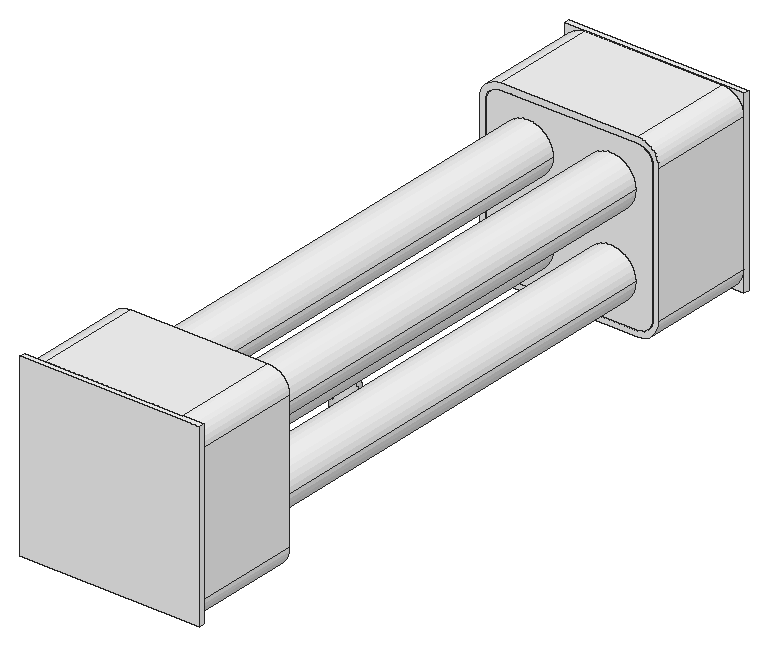
Revit family "Mamad_Transition_YEONATAN_Y2", category Generic Models, host Wall, Revit 2020
Family settings
  Host = Wall
  Can host rebar = No
  Round Connector Dimension = Use Diameter
  Part Type = Normal
  Always vertical = Yes
  Cut with Voids When Loaded = Yes
  Shared = No
  Room Calculation Point = No
Parameters (values of type "Y2_4x4"")
  Outer Plate [instance] = yes
  Wall Closure = By host
  Wall Width [instance] = 350.00 mm
  URL = "https://www.yeonatan.com"
  Type Image = Rectangle-85.png
  Model = "Y2"
  Manufacturer = "S2P"
  Inner Plate [instance] = yes
  Created by = "Karpel Consult And Shielding Engineering LTD"
  Assembly Code = ""
Reference planes
  plane 1: y = 0
  plane 2 "Sill": z = 1173
  plane 3: z = 1219.5
  plane 4: x = 0.3
  plane 5: z = 1266
  plane 6: y = -175
  plane 7: y = 175
  plane 8: y = -120
  plane 9: x = -46.2
  plane 10: x = 46.8
  plane 11: y = -145
  plane 12: y = -140
  plane 13: y = 120
  plane 14: y = 145
  plane 15: y = 140
Forms (mm)
  Sweep 1, solid, material "Yeonatan_Plastic"
    path origin (-1536.434, -175, 2405.066) x (1, 0, 0) y (0, 0, 1)
      loop
        arc (1493.234, -1221.066) -> (1495.577, -1226.723) -> (1501.234, -1229.066) r 8
        line (1501.234, -1229.066) -> (1572.234, -1229.066)
        arc (1572.234, -1229.066) -> (1577.891, -1226.723) -> (1580.234, -1221.066) r 8
        line (1580.234, -1221.066) -> (1580.234, -1150.066)
        arc (1580.234, -1150.066) -> (1577.891, -1144.409) -> (1572.234, -1142.066) r 8
        line (1572.234, -1142.066) -> (1501.234, -1142.066)
        arc (1501.234, -1142.066) -> (1495.577, -1144.409) -> (1493.234, -1150.066) r 8
        line (1493.234, -1150.066) -> (1493.234, -1221.066)
    profile origin (-43.2, -175, 1219.5) x (-1, 0, 0) y (0, -1, 0)
      loop
        line (0, -55) -> (3, -55) -> (3, 0) -> (0, 0) -> (0, -55)
  Sweep 2, solid, material "Yeonatan_Plastic"
    path origin (17.801, -365, -15.537) x (1, 0, 0) y (0, 1, 0)
      loop
        line (-17.501, 239) -> (-17.501, 245)
    profile origin (0.3, -123, -15.537) x (-1, 0, 0) y (0, 0, 1)
      loop
        arc (-35.5, 1278.537) -> (-41.157, 1276.194) -> (-43.5, 1270.537) r 8
        line (-43.5, 1270.537) -> (-43.5, 1199.537)
        arc (-43.5, 1199.537) -> (-41.157, 1193.88) -> (-35.5, 1191.537) r 8
        line (-35.5, 1191.537) -> (35.5, 1191.537)
        arc (35.5, 1191.537) -> (41.157, 1193.88) -> (43.5, 1199.537) r 8
        line (43.5, 1199.537) -> (43.5, 1270.537)
        arc (43.5, 1270.537) -> (41.157, 1276.194) -> (35.5, 1278.537) r 8
        line (35.5, 1278.537) -> (-35.5, 1278.537)
      loop
        circle (-21.5, 1213.537) r 11
      loop
        circle (21.5, 1213.537) r 11
      loop
        circle (-21.5, 1256.537) r 11
      loop
        circle (21.5, 1256.537) r 11
  Extrusion 3, solid, material "Yeonatan_Plastic"
    sketch origin (-21.5, 11.219, -21.5) x (1, 0, 0) y (0, 0, 1)
      loop
        circle (0.3, 1219.5) r 13
      loop
        circle (0.3, 1219.5) r 11
      loop
        circle (43.3, 1219.5) r 13
      loop
        circle (43.3, 1219.5) r 11
      loop
        circle (0.3, 1262.5) r 13
      loop
        circle (0.3, 1262.5) r 11
      loop
        circle (43.3, 1262.5) r 13
      loop
        circle (43.3, 1262.5) r 11
    from -108.781 to 131.219
  Sweep 4, void
    path origin (-1.762, -3.524, 0) x (1, 0, 0) y (0, 1, 0)
      loop
        line (2.062, -171.476) -> (2.062, -116.476)
    profile origin (0.3, -147.5, 0) x (-1, 0, 0) y (0, 0, 1)
      loop
        line (35.5, 1266) -> (-35.5, 1266)
        arc (-35.5, 1266) -> (-43.278, 1262.778) -> (-46.5, 1255) r 11
        line (-46.5, 1255) -> (-46.5, 1184)
        arc (-46.5, 1184) -> (-43.278, 1176.222) -> (-35.5, 1173) r 11
        line (-35.5, 1173) -> (35.5, 1173)
        arc (35.5, 1173) -> (43.278, 1176.222) -> (46.5, 1184) r 11
        line (46.5, 1184) -> (46.5, 1255)
        arc (46.5, 1255) -> (43.278, 1262.778) -> (35.5, 1266) r 11
  Sweep 5, solid, material "Yeonatan_Stainless_Steel", visible <- "Inner Plate"
    path origin (17.801, -385, -15.537) x (1, 0, 0) y (0, 1, 0)
      loop
        line (-17.501, 240) -> (-17.501, 245)
    profile origin (0.3, -142.5, -15.537) x (-1, 0, 0) y (0, 0, 1)
      loop
        arc (-35.5, 1278.537) -> (-41.157, 1276.194) -> (-43.5, 1270.537) r 8
        line (-43.5, 1270.537) -> (-43.5, 1199.537)
        arc (-43.5, 1199.537) -> (-41.157, 1193.88) -> (-35.5, 1191.537) r 8
        line (-35.5, 1191.537) -> (35.5, 1191.537)
        arc (35.5, 1191.537) -> (41.157, 1193.88) -> (43.5, 1199.537) r 8
        line (43.5, 1199.537) -> (43.5, 1270.537)
        arc (43.5, 1270.537) -> (41.157, 1276.194) -> (35.5, 1278.537) r 8
        line (35.5, 1278.537) -> (-35.5, 1278.537)
      loop
        circle (-21.5, 1213.537) r 11
      loop
        circle (21.5, 1213.537) r 11
      loop
        circle (-21.5, 1256.537) r 11
      loop
        circle (21.5, 1256.537) r 11
  Sweep 6, solid, material "Yeonatan_Stainless_Steel"
    path origin (-98.396, -355, 2439) x (0, 1, 0) y (-1, 0, 0)
      loop
        line (229, -98.696) -> (199, -98.696)
    profile origin (0.3, -141, 2439) x (1, 0, 0) y (0, 0, 1)
      loop
        circle (14.5, -1219.5) r 4
      loop
        circle (-14.5, -1219.5) r 4
  Sweep 7, solid, material "Yeonatan_Stainless_Steel", visible <- "Inner Plate"
    path origin (-98.396, -355, 2439) x (0, 1, 0) y (-1, 0, 0)
      loop
        line (210, -98.696) -> (206, -98.696)
    profile origin (0.3, -147, 2439) x (1, 0, 0) y (0, 0, 1)
      loop
        circle (14.5, -1219.5) r 4
      loop
        circle (-14.5, -1219.5) r 4
      loop
        line (10.747, -1213) -> (6.994, -1219.5) -> (10.747, -1226) -> (18.253, -1226) -> (22.006, -1219.5) -> (18.253, -1213) -> (10.747, -1213)
      loop
        line (-10.747, -1213) -> (-18.253, -1213) -> (-22.006, -1219.5) -> (-18.253, -1226) -> (-10.747, -1226) -> (-6.994, -1219.5) -> (-10.747, -1213)
  Sweep 8, solid, material "Yeonatan_Plastic", visible <- "Outer Plate"
    path origin (17.801, -420, -15.537) x (1, 0, 0) y (0, 1, 0)
      loop
        line (-17.501, 242) -> (-17.501, 245)
    profile origin (0.3, -176.5, -15.537) x (-1, 0, 0) y (0, 0, 1)
      loop
        line (-46.5, 1281.537) -> (-46.5, 1188.537) -> (46.5, 1188.537) -> (46.5, 1281.537) -> (-46.5, 1281.537)
  Sweep 9, solid, material "Yeonatan_Plastic"
    path origin (-1536.434, 175, 2405.066) x (1, 0, 0) y (0, 0, -1)
      loop
        line (1493.234, 1221.066) -> (1493.234, 1150.066)
        arc (1493.234, 1150.066) -> (1495.577, 1144.409) -> (1501.234, 1142.066) r 8
        line (1501.234, 1142.066) -> (1572.234, 1142.066)
        arc (1572.234, 1142.066) -> (1577.891, 1144.409) -> (1580.234, 1150.066) r 8
        line (1580.234, 1150.066) -> (1580.234, 1221.066)
        arc (1580.234, 1221.066) -> (1577.891, 1226.723) -> (1572.234, 1229.066) r 8
        line (1572.234, 1229.066) -> (1501.234, 1229.066)
        arc (1501.234, 1229.066) -> (1495.577, 1226.723) -> (1493.234, 1221.066) r 8
    profile origin (-43.2, 175, 1219.5) x (1, 0, 0) y (0, 1, 0)
      loop
        line (0, -55) -> (0, 0) -> (-3, 0) -> (-3, -55) -> (0, -55)
  Sweep 10, solid, material "Yeonatan_Plastic"
    path origin (17.801, 365, -15.537) x (1, 0, 0) y (0, 1, 0)
      loop
        line (-17.501, -239) -> (-17.501, -245)
    profile origin (0.3, 123, -15.537) x (1, 0, 0) y (0, 0, 1)
      loop
        line (35.5, 1278.537) -> (-35.5, 1278.537)
        arc (-35.5, 1278.537) -> (-41.157, 1276.194) -> (-43.5, 1270.537) r 8
        line (-43.5, 1270.537) -> (-43.5, 1199.537)
        arc (-43.5, 1199.537) -> (-41.157, 1193.88) -> (-35.5, 1191.537) r 8
        line (-35.5, 1191.537) -> (35.5, 1191.537)
        arc (35.5, 1191.537) -> (41.157, 1193.88) -> (43.5, 1199.537) r 8
        line (43.5, 1199.537) -> (43.5, 1270.537)
        arc (43.5, 1270.537) -> (41.157, 1276.194) -> (35.5, 1278.537) r 8
      loop
        circle (21.5, 1213.537) r 11
      loop
        circle (-21.5, 1213.537) r 11
      loop
        circle (21.5, 1256.537) r 11
      loop
        circle (-21.5, 1256.537) r 11
  Sweep 11, solid, material "Yeonatan_Stainless_Steel", visible <- "Inner Plate"
    path origin (17.801, 385, -15.537) x (1, 0, 0) y (0, 1, 0)
      loop
        line (-17.501, -240) -> (-17.501, -245)
    profile origin (0.3, 142.5, -15.537) x (1, 0, 0) y (0, 0, 1)
      loop
        line (35.5, 1278.537) -> (-35.5, 1278.537)
        arc (-35.5, 1278.537) -> (-41.157, 1276.194) -> (-43.5, 1270.537) r 8
        line (-43.5, 1270.537) -> (-43.5, 1199.537)
        arc (-43.5, 1199.537) -> (-41.157, 1193.88) -> (-35.5, 1191.537) r 8
        line (-35.5, 1191.537) -> (35.5, 1191.537)
        arc (35.5, 1191.537) -> (41.157, 1193.88) -> (43.5, 1199.537) r 8
        line (43.5, 1199.537) -> (43.5, 1270.537)
        arc (43.5, 1270.537) -> (41.157, 1276.194) -> (35.5, 1278.537) r 8
      loop
        circle (21.5, 1213.537) r 11
      loop
        circle (-21.5, 1213.537) r 11
      loop
        circle (21.5, 1256.537) r 11
      loop
        circle (-21.5, 1256.537) r 11
  Sweep 12, solid, material "Yeonatan_Stainless_Steel"
    path origin (-98.396, 355, 2439) x (0, 1, 0) y (-1, 0, 0)
      loop
        line (-229, -98.696) -> (-199, -98.696)
    profile origin (0.3, 141, 2439) x (-1, 0, 0) y (0, 0, 1)
      loop
        circle (-14.5, -1219.5) r 4
      loop
        circle (14.5, -1219.5) r 4
  Sweep 13, solid, material "Yeonatan_Stainless_Steel", visible <- "Inner Plate"
    path origin (-98.396, 355, 2439) x (0, 1, 0) y (-1, 0, 0)
      loop
        line (-210, -98.696) -> (-206, -98.696)
    profile origin (0.3, 147, 2439) x (-1, 0, 0) y (0, 0, 1)
      loop
        circle (-14.5, -1219.5) r 4
      loop
        circle (14.5, -1219.5) r 4
      loop
        line (-10.747, -1213) -> (-18.253, -1213) -> (-22.006, -1219.5) -> (-18.253, -1226) -> (-10.747, -1226) -> (-6.994, -1219.5) -> (-10.747, -1213)
      loop
        line (10.747, -1213) -> (6.994, -1219.5) -> (10.747, -1226) -> (18.253, -1226) -> (22.006, -1219.5) -> (18.253, -1213) -> (10.747, -1213)
  Sweep 14, solid, material "Yeonatan_Plastic", visible <- "Outer Plate"
    path origin (17.801, 420, -15.537) x (1, 0, 0) y (0, 1, 0)
      loop
        line (-17.501, -242) -> (-17.501, -245)
    profile origin (0.3, 176.5, -15.537) x (1, 0, 0) y (0, 0, 1)
      loop
        line (46.5, 1281.537) -> (-46.5, 1281.537) -> (-46.5, 1188.537) -> (46.5, 1188.537) -> (46.5, 1281.537)
  Sweep 15, void
    path origin (-1.762, 3.524, 0) x (1, 0, 0) y (0, -1, 0)
      loop
        line (2.062, -171.476) -> (2.062, -116.476)
    profile origin (0.3, 147.5, 0) x (1, 0, 0) y (0, 0, 1)
      loop
        arc (-35.5, 1266) -> (-43.278, 1262.778) -> (-46.5, 1255) r 11
        line (-46.5, 1255) -> (-46.5, 1184)
        arc (-46.5, 1184) -> (-43.278, 1176.222) -> (-35.5, 1173) r 11
        line (-35.5, 1173) -> (35.5, 1173)
        arc (35.5, 1173) -> (43.278, 1176.222) -> (46.5, 1184) r 11
        line (46.5, 1184) -> (46.5, 1255)
        arc (46.5, 1255) -> (43.278, 1262.778) -> (35.5, 1266) r 11
        line (35.5, 1266) -> (-35.5, 1266)
  Sweep 16, void
    path origin (-0.1, 0, 0) x (1, 0, 0) y (0, 1, 0)
      loop
        line (0.3, 120) -> (0.3, -120)
    profile origin (0.2, 0, 0) x (1, 0, 0) y (0, 0, 1)
      loop
        circle (-21.5, 1198) r 13
      loop
        circle (21.5, 1198) r 13
      loop
        circle (21.5, 1241) r 13
      loop
        circle (-21.5, 1241) r 13
  Sweep 17, void
    path origin (-1.762, -3.524, 0) x (1, 0, 0) y (0, 1, 0)
      loop
        line (2.062, -171.476) -> (2.062, -116.476)
    profile origin (0.3, -147.5, 0) x (-1, 0, 0) y (0, 0, 1)
      loop
        line (35.5, 1266) -> (-35.5, 1266)
        arc (-35.5, 1266) -> (-43.278, 1262.778) -> (-46.5, 1255) r 11
        line (-46.5, 1255) -> (-46.5, 1184)
        arc (-46.5, 1184) -> (-43.278, 1176.222) -> (-35.5, 1173) r 11
        line (-35.5, 1173) -> (35.5, 1173)
        arc (35.5, 1173) -> (43.278, 1176.222) -> (46.5, 1184) r 11
        line (46.5, 1184) -> (46.5, 1255)
        arc (46.5, 1255) -> (43.278, 1262.778) -> (35.5, 1266) r 11
  Extrusion 18, solid, material "Yeonatan_Plastic"
    sketch origin (-21.5, 1243.32, 1405.946) x (1, 0, 0) y (0, -0.984808, -0.173648)
      loop
        circle (0.3, 1262.5) r 7
      loop
        circle (0.3, 1262.5) r 5
    from 35 to 0
Cuts and joins
  Sweep 15 cuts Sweep 1
  Sweep 15, Sweep 16 cuts Sweep 2
  Sweep 15 cuts Extrusion 3
  joined: Extrusion 3, Extrusion 18
  Sweep 15 cuts Sweep 5
  Sweep 15 cuts Sweep 6
  Sweep 15 cuts Sweep 7
  Sweep 15 cuts Sweep 8
  Sweep 16 cuts Sweep 10
Text (mm)
  text "Exterior" at (0, 1019.848, 3124.603), in view "Right"
  text "Exterior" at (-946.239, 459.523, 0), in view "Floor Line"
  text "Exterior" at (0, 1206.291, 2968.097), in view "Left"
Dimensions and locks
  "Wall Width": plane 7 to plane 6
  plane 8 to plane 6 = 55.00 mm
  Sweep 2 sketch curve to Sweep 2 sketch curve = 6.00 mm
  Sweep 7 sketch curve to Sweep 7 sketch curve = 4.00 mm
  Sweep 6 sketch curve to Sweep 6 sketch curve = 30.00 mm
  plane 8 to plane 12 = 20.00 mm
  plane 12 to plane 11 = 5.00 mm
  Sweep 8 sketch curve to Sweep 8 sketch curve = 3.00 mm
  plane 13 to plane 7 = 55.00 mm
  Sweep 10 sketch curve to Sweep 10 sketch curve = 6.00 mm
  Sweep 13 sketch curve to Sweep 13 sketch curve = 4.00 mm
  Sweep 12 sketch curve to Sweep 12 sketch curve = 30.00 mm
  plane 13 to plane 15 = 20.00 mm
  plane 15 to plane 14 = 5.00 mm
  Sweep 14 sketch curve to Sweep 14 sketch curve = 3.00 mm
  aligned and locked: plane 6 to host wall
  aligned and locked: plane 7 to host wall
  aligned and locked: plane 6 to Sweep 1
  aligned and locked: Sweep 1 to plane 6
  aligned and locked: Sweep 1 sketch curve to plane 8
  aligned and locked: Sweep 1 sketch curve to plane 6
  aligned and locked: Sweep 1 to Sweep 2 sketch curve
  aligned and locked: Extrusion 3 to plane 8
  aligned and locked: plane 6 to Sweep 4 sketch curve
  aligned and locked: Sweep 5 to Sweep 5
  aligned and locked: plane 11 to Sweep 5 sketch curve
  aligned and locked: plane 12 to Sweep 5 sketch curve
  aligned and locked: Sweep 5 to Sweep 7 sketch curve
  aligned and locked: plane 6 to Sweep 8 sketch curve
  aligned and locked: plane 2 "Sill" to Sweep 8 sketch curve
  aligned and locked: Sweep 8 sketch curve to plane 10
  aligned and locked: plane 5 to Sweep 8 sketch curve
  aligned and locked: Sweep 8 sketch curve to plane 9
  aligned and locked: Sweep 9 sketch curve to plane 13
  aligned and locked: Sweep 9 to Sweep 10 sketch curve
  aligned and locked: Sweep 11 to Sweep 11
  aligned and locked: Sweep 11 sketch curve to plane 14
  aligned and locked: Sweep 11 sketch curve to plane 15
  aligned and locked: Sweep 13 sketch curve to Sweep 11
  aligned and locked: Sweep 9 to Extrusion 3
  aligned and locked: Sweep 9 sketch curve to plane 7
  aligned and locked: cut or joined group of Sweep 1, Sweep 15 to Sweep 16 sketch curve
  aligned and locked: Sweep 9 to Sweep 16 sketch curve
Automatic sketch dimensions
  Sweep 1 sketch curve to plane 9 = 3.00 mm
  Sweep 1 sketch curve to Sweep 1 sketch curve = 8.00 mm  (x2)
  plane 5 to Sweep 1 sketch curve = 3.00 mm
  plane 10 to Sweep 1 sketch curve = 11.00 mm  (x2)
  plane 10 to Sweep 1 sketch curve = 3.00 mm
  Sweep 1 sketch curve to plane 2 "Sill" = 11.00 mm
  Sweep 1 sketch curve to profile plane = 0.00 mm
  Sweep 1 sketch curve to profile plane = 3.00 mm
  Sweep 2 sketch curve to plane 4 = 0.00 mm
  profile plane to Sweep 2 sketch curve = 43.50 mm
  Sweep 2 sketch curve to Sweep 2 sketch curve = 8.00 mm  (x3)
  Sweep 2 sketch curve to Sweep 2 sketch curve = 14.00 mm  (x7)
  Sweep 2 sketch curve to profile plane = 21.50 mm  (x2)
  profile plane to Sweep 2 sketch curve = 1191.537 mm
  Sweep 2 sketch curve to Sweep 2 sketch curve = 43.00 mm  (x2)
  Extrusion 3 sketch curve to Extrusion 3 sketch curve = 0.00 mm  (x48)
  plane 4 to Extrusion 3 sketch curve = 21.50 mm  (x2)
  Extrusion 3 sketch curve to plane 4 = 21.50 mm  (x2)
  plane 3 to Extrusion 3 sketch curve = 21.50 mm  (x2)
  Extrusion 3 sketch curve to plane 3 = 21.50 mm  (x2)
  Extrusion 3 sketch curve to Extrusion 3 sketch curve = 11.00 mm  (x2)
  Extrusion 3 sketch curve to Extrusion 3 sketch curve = 2.00 mm  (x4)
  Extrusion 3 sketch curve to plane 4 = 8.50 mm  (x2)
  Sweep 4 sketch curve to plane 4 = 0.00 mm
  Sweep 4 sketch curve to plane 8 = 0.00 mm
  profile plane to Sweep 4 sketch curve = 46.50 mm
  Sweep 4 sketch curve to Sweep 4 sketch curve = 11.00 mm  (x3)
  Sweep 4 sketch curve to profile plane = 35.50 mm  (x2)
  level to Sweep 4 sketch curve = 1173.00 mm
  Sweep 4 sketch curve to Sweep 4 sketch curve = 71.00 mm
  Sweep 5 sketch curve to plane 4 = 0.00 mm
  profile plane to Sweep 5 sketch curve = 43.50 mm
  Sweep 5 sketch curve to Sweep 5 sketch curve = 8.00 mm  (x3)
  Sweep 5 sketch curve to Sweep 5 sketch curve = 14.00 mm  (x7)
  Sweep 5 sketch curve to profile plane = 21.50 mm  (x2)
  profile plane to Sweep 5 sketch curve = 1191.537 mm
  Sweep 5 sketch curve to Sweep 5 sketch curve = 43.00 mm  (x2)
  Sweep 6 sketch curve to plane 4 = 0.00 mm
  Sweep 6 sketch curve to plane 11 = 11.00 mm
  profile plane to Sweep 6 sketch curve = 14.50 mm
  Sweep 6 sketch curve to profile plane = 14.50 mm
  Sweep 6 sketch curve to profile plane = 1219.50 mm
  Sweep 6 sketch curve to Sweep 6 sketch curve = 0.00 mm
  Sweep 7 sketch curve to plane 4 = 0.00 mm
  profile plane to Sweep 7 sketch curve = 22.006 mm
  Sweep 7 sketch curve to Sweep 7 sketch curve = 3.753 mm  (x7)
  Sweep 7 sketch curve to Sweep 7 sketch curve = 7.506 mm  (x4)
  profile plane to Sweep 7 sketch curve = 6.994 mm
  Sweep 7 sketch curve to profile plane = 6.994 mm
  Sweep 7 sketch curve to profile plane = 1226.00 mm
  Sweep 7 sketch curve to Sweep 7 sketch curve = 0.00 mm  (x3)
  Sweep 7 sketch curve to Sweep 7 sketch curve = 6.50 mm  (x6)
  Sweep 8 sketch curve to plane 4 = 0.00 mm
  Sweep 9 sketch curve to plane 9 = 3.00 mm
  Sweep 9 sketch curve to Sweep 9 sketch curve = 8.00 mm  (x2)
  plane 5 to Sweep 9 sketch curve = 3.00 mm
  plane 10 to Sweep 9 sketch curve = 11.00 mm  (x2)
  plane 10 to Sweep 9 sketch curve = 3.00 mm
  Sweep 9 sketch curve to plane 2 "Sill" = 11.00 mm
  Sweep 9 sketch curve to profile plane = 0.00 mm
  profile plane to Sweep 9 sketch curve = 3.00 mm
  Sweep 10 sketch curve to plane 4 = 0.00 mm
  profile plane to Sweep 10 sketch curve = 43.50 mm
  Sweep 10 sketch curve to Sweep 10 sketch curve = 8.00 mm  (x3)
  Sweep 10 sketch curve to Sweep 10 sketch curve = 14.00 mm  (x7)
  Sweep 10 sketch curve to profile plane = 21.50 mm  (x2)
  profile plane to Sweep 10 sketch curve = 1191.537 mm
  Sweep 10 sketch curve to Sweep 10 sketch curve = 43.00 mm  (x2)
  Sweep 11 sketch curve to plane 4 = 0.00 mm
  profile plane to Sweep 11 sketch curve = 43.50 mm
  Sweep 11 sketch curve to Sweep 11 sketch curve = 8.00 mm  (x3)
  Sweep 11 sketch curve to Sweep 11 sketch curve = 14.00 mm  (x7)
  Sweep 11 sketch curve to profile plane = 21.50 mm  (x2)
  profile plane to Sweep 11 sketch curve = 1191.537 mm
  Sweep 11 sketch curve to Sweep 11 sketch curve = 43.00 mm  (x2)
  Sweep 12 sketch curve to plane 4 = 0.00 mm
  Sweep 12 sketch curve to plane 13 = 6.00 mm
  profile plane to Sweep 12 sketch curve = 14.50 mm
  Sweep 12 sketch curve to profile plane = 14.50 mm
  Sweep 12 sketch curve to profile plane = 1219.50 mm
  Sweep 12 sketch curve to Sweep 12 sketch curve = 0.00 mm
  Sweep 13 sketch curve to plane 4 = 0.00 mm
  profile plane to Sweep 13 sketch curve = 22.006 mm
  Sweep 13 sketch curve to Sweep 13 sketch curve = 3.753 mm  (x9)
  Sweep 13 sketch curve to Sweep 13 sketch curve = 7.506 mm  (x2)
  profile plane to Sweep 13 sketch curve = 6.994 mm
  Sweep 13 sketch curve to profile plane = 6.994 mm
  Sweep 13 sketch curve to profile plane = 1226.00 mm
  Sweep 13 sketch curve to Sweep 13 sketch curve = 0.00 mm  (x3)
  Sweep 13 sketch curve to Sweep 13 sketch curve = 6.50 mm  (x6)
  Sweep 14 sketch curve to plane 4 = 0.00 mm
  Sweep 14 sketch curve to plane 7 = 0.00 mm
  profile plane to Sweep 14 sketch curve = 46.50 mm
  Sweep 14 sketch curve to profile plane = 46.50 mm
  profile plane to Sweep 14 sketch curve = 1188.537 mm
  Sweep 14 sketch curve to Sweep 14 sketch curve = 93.00 mm
  plane 13 to Sweep 15 sketch curve = 0.00 mm
  Sweep 15 sketch curve to plane 7 = 0.00 mm
  plane 9 to Sweep 15 sketch curve = 46.50 mm
  profile plane to Sweep 15 sketch curve = 46.50 mm
  Sweep 15 sketch curve to Sweep 15 sketch curve = 11.00 mm  (x3)
  Sweep 15 sketch curve to profile plane = 35.50 mm  (x2)
  level to Sweep 15 sketch curve = 1173.00 mm
  Sweep 15 sketch curve to Sweep 15 sketch curve = 71.00 mm
  Sweep 16 sketch curve to plane 9 = 46.40 mm
  Sweep 16 sketch curve to Sweep 16 sketch curve = 0.00 mm  (x10)
  profile plane to Sweep 16 sketch curve = 21.50 mm  (x2)
  Sweep 16 sketch curve to profile plane = 21.50 mm  (x2)
  level to Sweep 16 sketch curve = 1198.00 mm
  Sweep 16 sketch curve to Sweep 16 sketch curve = 43.00 mm
  Sweep 16 sketch curve to Sweep 16 sketch curve = 13.00 mm  (x2)
  Sweep 16 sketch curve to profile plane = 8.50 mm  (x2)
  Sweep 17 sketch curve to plane 8 = 0.00 mm
  Sweep 17 sketch curve to plane 6 = 0.00 mm
  Sweep 17 sketch curve to plane 9 = 46.50 mm
  profile plane to Sweep 17 sketch curve = 46.50 mm
  Sweep 17 sketch curve to Sweep 17 sketch curve = 11.00 mm  (x3)
  Sweep 17 sketch curve to profile plane = 35.50 mm  (x2)
  level to Sweep 17 sketch curve = 1173.00 mm
  Sweep 17 sketch curve to Sweep 17 sketch curve = 71.00 mm
  Extrusion 18 sketch curve to Extrusion 18 sketch curve = 0.00 mm  (x8)
  plane 4 to Extrusion 18 sketch curve = 21.50 mm
  Extrusion 18 sketch curve to Extrusion 18 sketch curve = 5.00 mm
  Extrusion 18 sketch curve to Extrusion 18 sketch curve = 2.00 mm
  radius of Sweep 2 sketch curve = 11.00 mm  (x4)
  radius of Sweep 5 sketch curve = 11.00 mm  (x4)
  radius of Sweep 6 sketch curve = 4.00 mm  (x2)
  radius of Sweep 7 sketch curve = 4.00 mm  (x2)
  radius of Sweep 10 sketch curve = 11.00 mm  (x4)
  radius of Sweep 11 sketch curve = 11.00 mm  (x4)
  radius of Sweep 12 sketch curve = 4.00 mm  (x2)
  radius of Sweep 13 sketch curve = 4.00 mm  (x2)
